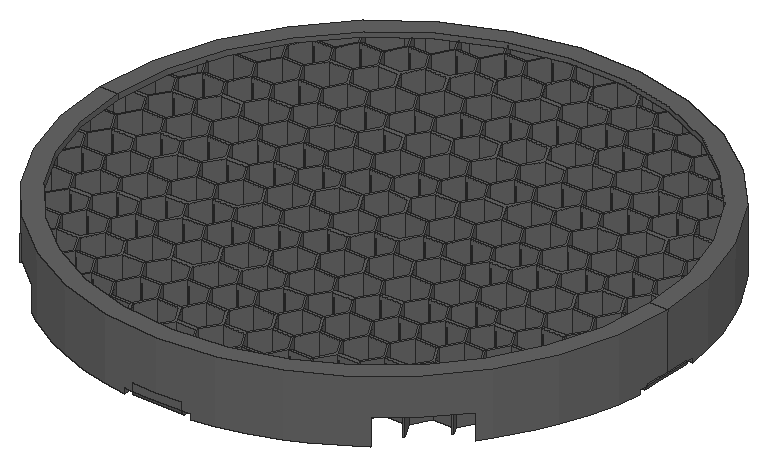
Revit family "STH20931", category Modelos genéricos, Revit 2023 (continued)
Automatic sketch dimensions
  Extrusion 16 sketch curve to plane 5 = 0.00013 m  (x2)
  Extrusion 16 sketch curve to plane 5 = 0.000153 m  (x2)
  Extrusion 16 sketch curve to plane 5 = 0.000165 m  (x3)
  Extrusion 16 sketch curve to Extrusion 16 sketch curve = 0.000857 m
  Extrusion 16 sketch curve to plane 5 = 0.001372 m  (x4)
  Extrusion 16 sketch curve to Extrusion 16 sketch curve = 0.000023 m  (x17)
  Extrusion 16 sketch curve to Extrusion 16 sketch curve = 0.00123 m
  Extrusion 16 sketch curve to Extrusion 16 sketch curve = 0.001241 m  (x199)
  Extrusion 16 sketch curve to Extrusion 16 sketch curve = 0.00246 m  (x5)
  Extrusion 16 sketch curve to Extrusion 16 sketch curve = 0.002483 m  (x79)
  Extrusion 16 sketch curve to Extrusion 16 sketch curve = 0.002471 m  (x2)
  Extrusion 16 sketch curve to Extrusion 16 sketch curve = 0.002855 m
  Extrusion 16 sketch curve to Extrusion 16 sketch curve = 0.00 m  (x140)
  Extrusion 16 sketch curve to Extrusion 16 sketch curve = 0.000012 m  (x30)
  Extrusion 16 sketch curve to plane 5 = 0.003987 m  (x2)
  Extrusion 16 sketch curve to Extrusion 16 sketch curve = 0.000121 m  (x62)
  Extrusion 16 sketch curve to Extrusion 16 sketch curve = 0.00011 m  (x15)
  Extrusion 16 sketch curve to Extrusion 16 sketch curve = 0.000156 m  (x22)
  Extrusion 16 sketch curve to Extrusion 16 sketch curve = 0.000144 m  (x396)
  plane 1 "Centro (Frente/Trás)" to Extrusion 16 sketch curve = 0.00015 m  (x8)
  Extrusion 16 sketch curve to Extrusion 16 sketch curve = 0.002702 m  (x6)
  Extrusion 16 sketch curve to Extrusion 16 sketch curve = 0.002725 m  (x83)
  Extrusion 16 sketch curve to plane 1 "Centro (Frente/Trás)" = 0.00015 m  (x8)
  Extrusion 16 sketch curve to Extrusion 16 sketch curve = 0.000133 m  (x72)
  Extrusion 16 sketch curve to plane 1 "Centro (Frente/Trás)" = 0.0023 m  (x12)
  plane 1 "Centro (Frente/Trás)" to Extrusion 16 sketch curve = 0.0023 m  (x12)
  plane 1 "Centro (Frente/Trás)" to Extrusion 16 sketch curve = 0.00215 m  (x6)
  Extrusion 16 sketch curve to plane 1 "Centro (Frente/Trás)" = 0.00215 m  (x5)
  plane 1 "Centro (Frente/Trás)" to Extrusion 16 sketch curve = 0.00245 m  (x6)
  Extrusion 16 sketch curve to plane 1 "Centro (Frente/Trás)" = 0.00245 m  (x3)
  Extrusion 16 sketch curve to Extrusion 16 sketch curve = 0.002275 m  (x4)
  Extrusion 16 sketch curve to Extrusion 16 sketch curve = 0.000341 m  (x3)
  Extrusion 16 sketch curve to Extrusion 16 sketch curve = 0.000352 m
  Extrusion 16 sketch curve to plane 1 "Centro (Frente/Trás)" = 0.0046 m  (x8)
  plane 1 "Centro (Frente/Trás)" to Extrusion 16 sketch curve = 0.0046 m  (x8)
  plane 1 "Centro (Frente/Trás)" to Extrusion 16 sketch curve = 0.00445 m  (x3)
  Extrusion 16 sketch curve to plane 1 "Centro (Frente/Trás)" = 0.00445 m  (x4)
  Extrusion 16 sketch curve to plane 1 "Centro (Frente/Trás)" = 0.00475 m  (x3)
  Extrusion 16 sketch curve to plane 6 = 0.00705 m  (x2)
  plane 7 to Extrusion 16 sketch curve = 0.0069 m  (x2)
  Extrusion 16 sketch curve to plane 6 = 0.0069 m  (x2)
  plane 1 "Centro (Frente/Trás)" to Extrusion 16 sketch curve = 0.0069 m  (x4)
  Extrusion 16 sketch curve to plane 1 "Centro (Frente/Trás)" = 0.0069 m  (x4)
  Extrusion 16 sketch curve to plane 1 "Centro (Frente/Trás)" = 0.00705 m  (x2)
  plane 1 "Centro (Frente/Trás)" to Extrusion 16 sketch curve = 0.00705 m
  Extrusion 16 sketch curve to plane 1 "Centro (Frente/Trás)" = 0.00675 m
  plane 7 to Extrusion 16 sketch curve = 0.00475 m  (x2)
  Extrusion 16 sketch curve to plane 6 = 0.00475 m  (x2)
  Extrusion 16 sketch curve to plane 6 = 0.0046 m  (x4)
  plane 7 to Extrusion 16 sketch curve = 0.0046 m  (x4)
  Extrusion 16 sketch curve to plane 6 = 0.00245 m  (x4)
  Extrusion 16 sketch curve to Extrusion 16 sketch curve = 0.000167 m  (x3)
  plane 7 to Extrusion 16 sketch curve = 0.00245 m  (x3)
  plane 7 to Extrusion 16 sketch curve = 0.002055 m  (x2)
  Extrusion 16 sketch curve to Extrusion 16 sketch curve = 0.002497 m  (x3)
  Extrusion 16 sketch curve to plane 6 = 0.002017 m  (x2)
  Extrusion 16 sketch curve to Extrusion 16 sketch curve = 0.002706 m
  plane 7 to Extrusion 16 sketch curve = 0.002017 m  (x2)
  Extrusion 16 sketch curve to Extrusion 16 sketch curve = 0.000198 m  (x3)
  plane 1 "Centro (Frente/Trás)" to Extrusion 16 sketch curve = 0.00475 m  (x3)
  Extrusion 16 sketch curve to Extrusion 16 sketch curve = 0.000019 m
  plane 7 to Extrusion 16 sketch curve = 0.00015 m  (x3)
  Extrusion 16 sketch curve to Extrusion 16 sketch curve = 0.001405 m  (x4)
  Extrusion 16 sketch curve to plane 6 = 0.00015 m  (x3)
  Extrusion 16 sketch curve to Extrusion 16 sketch curve = 0.000179 m
  Extrusion 16 sketch curve to Extrusion 16 sketch curve = 0.002448 m
  Extrusion 16 sketch curve to Extrusion 16 sketch curve = 0.000035 m  (x3)
  Extrusion 16 sketch curve to Extrusion 16 sketch curve = 0.000142 m
  Extrusion 16 sketch curve to plane 6 = 0.0023 m  (x2)
  plane 7 to Extrusion 16 sketch curve = 0.0023 m  (x2)
  Extrusion 16 sketch curve to Extrusion 16 sketch curve = 0.000139 m  (x7)
  plane 7 to Extrusion 16 sketch curve = 0.00215 m  (x2)
  plane 6 to Extrusion 16 sketch curve = 0.00215 m  (x2)
  Extrusion 16 sketch curve to plane 7 = 0.00215 m  (x2)
  Extrusion 16 sketch curve to plane 3 "Centro (Esquerda/Direita)" = 0.002627 m  (x2)
  Extrusion 16 sketch curve to plane 3 "Centro (Esquerda/Direita)" = 0.002621 m  (x9)
  Extrusion 16 sketch curve to Extrusion 16 sketch curve = 0.000006 m  (x4)
  Extrusion 16 sketch curve to plane 3 "Centro (Esquerda/Direita)" = 0.00261 m  (x6)
  Extrusion 16 sketch curve to plane 3 "Centro (Esquerda/Direita)" = 0.001386 m
  Extrusion 16 sketch curve to plane 3 "Centro (Esquerda/Direita)" = 0.00138 m  (x9)
  Extrusion 16 sketch curve to plane 3 "Centro (Esquerda/Direita)" = 0.001368 m  (x6)
  plane 3 "Centro (Esquerda/Direita)" to Extrusion 16 sketch curve = 0.001236 m  (x6)
  plane 3 "Centro (Esquerda/Direita)" to Extrusion 16 sketch curve = 0.001241 m  (x3)
  plane 3 "Centro (Esquerda/Direita)" to Extrusion 16 sketch curve = 0.001247 m  (x7)
  plane 3 "Centro (Esquerda/Direita)" to Extrusion 16 sketch curve = 0.002477 m  (x5)
  Extrusion 16 sketch curve to plane 6 = 0.002055 m
  plane 1 "Centro (Frente/Trás)" to Extrusion 16 sketch curve = 0.00675 m
  Extrusion 16 sketch curve to Extrusion 16 sketch curve = 0.00269 m  (x2)
  Extrusion 16 sketch curve to Extrusion 16 sketch curve = 0.000098 m  (x3)
  plane 4 to Extrusion 16 sketch curve = 0.001395 m
  plane 4 to Extrusion 16 sketch curve = 0.001372 m  (x3)
  plane 4 to Extrusion 16 sketch curve = 0.001349 m  (x2)
  plane 4 to Extrusion 16 sketch curve = 0.001064 m
  plane 4 to Extrusion 16 sketch curve = 0.001022 m
  plane 4 to Extrusion 16 sketch curve = 0.000165 m  (x2)
  plane 4 to Extrusion 16 sketch curve = 0.000153 m
  plane 4 to Extrusion 16 sketch curve = 0.00013 m  (x2)
  plane 4 to Extrusion 16 sketch curve = 0.000107 m  (x2)
  Extrusion 16 sketch curve to Extrusion 16 sketch curve = 0.00015 m  (x477)
  Extrusion 16 sketch curve to Extrusion 16 sketch curve = 0.002 m  (x145)
  Extrusion 16 sketch curve to Extrusion 16 sketch curve = 0.00194 m  (x2)
  Extrusion 16 sketch curve to Extrusion 16 sketch curve = 0.00021 m  (x4)
  Extrusion 16 sketch curve to Extrusion 16 sketch curve = 0.00036 m  (x2)
  Extrusion 16 sketch curve to Extrusion 16 sketch curve = 0.00215 m  (x29)
  Extrusion 16 sketch curve to Extrusion 16 sketch curve = 0.0003 m  (x9)
  Extrusion 16 sketch curve to Extrusion 16 sketch curve = 0.0043 m  (x2)
  Extrusion 16 sketch curve to Extrusion 16 sketch curve = 0.000145 m
  radius of Extrusion 15 sketch curve = 0.033708 m
